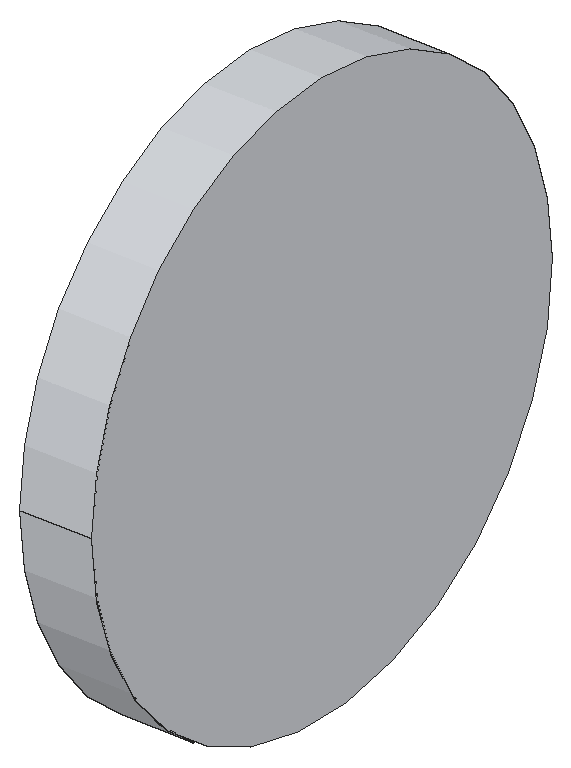
Revit family "a83d7419b56841c2a212192c44b24dd5", category Pipe Fittings, Revit 2021
Family settings
  Round Connector Dimension = Use Radius
  Part Type = Flange
  OmniClass Number = 23.60.30.11.14
  OmniClass Title = Pipework Fittings
  Seek Item ID = Flange - Threaded - GI - Class 250-0000-USA-ENU
  Work Plane-Based = No
  Always vertical = Yes
  Cut with Voids When Loaded = No
  Shared = No
Parameters (values of type "Standard")
  Tick Size [instance] = Flange Diameter * 0.4  # 3.6000"
  Nominal Radius [instance] = 2.0000"
  Nominal Diameter [instance] = Nominal Radius * 2  # 4.0000"
  Loss Method = Not Defined
  Lookup Table Name = "Flange - Ring - Steel - Class 275"
  Flange Thickness [instance] = size_lookup(Lookup Table Name, "FThk", 0.04 * Nominal Diameter + 1.5100", Nominal Diameter)  # 1.1250"
  Flange Radius [instance] = Flange Diameter / 2  # 4.5000"
  Flange Diameter [instance] = size_lookup(Lookup Table Name, "FDia", 1.13 * Nominal Diameter + 5.0900", Nominal Diameter)  # 9.0000"
  Default Elevation = 0.0000"
Reference planes (in)
  plane 1 "Center (Front/Back)": y = 0
  plane 2: z = 0
  plane 3 "Center (Left/Right)": x = 0
  plane 4: y = 3.6
  plane 5: y = -3.6
  plane 6: x = 1.125
Forms (in)
  Extrusion 1, solid, detail levels fine
    sketch origin (0, 0, 0) x (0, 1, 0) y (0, 0, 1)
      loop
        circle (0, 0) r 4.5
    from 0 to 1.125
Lines and regions (in)
  model lines, detail levels coarse+medium
    curve 1: line (0.5625, 3.6, 0) -> (0.5625, -3.6, 0)
  model lines, style "PipeFitting", detail levels coarse+medium
    curve 2: line (1.125, 0, 0) -> (0, 0, 0)
Dimensions and locks (in)
  equal spacing: plane 4, plane 1 "Center (Front/Back)", plane 5
  "Tick Size": plane 4 to plane 1 "Center (Front/Back)"
  "Flange Thickness": plane 3 "Center (Left/Right)" to plane 6
  equal spacing: plane 3 "Center (Left/Right)", curve 1, plane 6
  "Flange Radius": radius of Extrusion 1 sketch curve
  aligned and locked: plane 4 to curve 1
  aligned and locked: plane 5 to curve 1
  aligned and locked: plane 1 "Center (Front/Back)" to curve 2
  aligned and locked: plane 6 to Extrusion 1
  aligned and locked: plane 6 to curve 2
  aligned and locked: Extrusion 1 to plane 3 "Center (Left/Right)"
  aligned and locked: plane 3 "Center (Left/Right)" to curve 2
Automatic sketch dimensions
  Extrusion 1 sketch curve to level = 0.0000"
  Extrusion 1 sketch curve to plane 1 "Center (Front/Back)" = 0.0000"
Connectors (in)
  piping at (0, 0, 0), diameter 4, driven by "Nominal Radius"
    settings: on Extrusion 1, index 1, connector inside diameter 4.0000", connector length 0.0000", flow factor 0, pipe flow 0 GPM, pressure drop 0.00 psi, fitting loss kfactor 0, connector angle 0.00°, fixture units 0, engagement length 0.0000", angle of deflection 0.00°, flow configuration 0, flow direction 0, fitting loss method 0, system type 28, joint type 0, gender type 0, connector reference index 2, connector utility 0, adjustable connector no, is connector primary yes, connector description ""
  piping at (1.125, 0, 0), diameter 4, driven by "Nominal Radius"
    settings: on Extrusion 1, index 2, connector inside diameter 4.0000", connector length 0.0000", flow factor 0, pipe flow 0 GPM, pressure drop 0.00 psi, fitting loss kfactor 0, connector angle 0.00°, fixture units 0, engagement length 0.0000", angle of deflection 0.00°, flow configuration 0, flow direction 0, fitting loss method 0, system type 28, joint type 0, gender type 0, connector reference index 1, connector utility 0, adjustable connector no, is connector primary no, connector description ""
